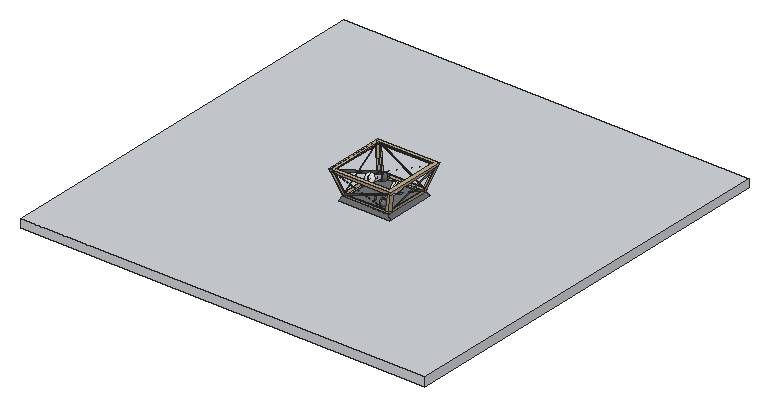
Revit family "P350039-141", category Lighting Fixtures, host Face, Revit 2021
Family settings
  Host = Face
  Round Connector Dimension = Use Diameter
  Part Type = Normal
  OmniClass Number = 23.80.70.11.14.17
  OmniClass Title = Direct/Indirect
  Cut with Voids When Loaded = No
  Light Source = No
  Shared = Yes
  Room Calculation Point = No
Parameters (values of type "P350039-141")
  Wood = Hubbell - Oak
  Widh = 12.00"
  Watts = 60 W
  Wattage Comments = "60W"
  Warranty = "1 year Warranty"  # constant formula
  Voltage = 120 V
  URL = "https://www.hubbell.com/progresslighting/en"
  Product Link = "https://www.hubbell.com/progresslighting/en/Products/Lighting-Controls/Residential-Indoor-Lighting/Ceiling-Mount/Flush/Briarwood-Collection-Two-Light-Galvanized-and-Bleached-Oak-Farmhouse-Style-Flush-Mount-Ceiling-Light/p/6419008"
  Product Documentation Link = "https://hubbellcdn.com/specsheet/PROG_P350039-141_spec.pdf"
  Power Factor = 1
  Model = "P350039-141"  # constant formula
  Manufacturer = "Progress Lighting"  # constant formula
  Load Classification = Lighting
  Length = 12.00"
  Gold = Hubbell - Gold
  Glass = Paint - Hubbell - White Texture
  Lamp = "LED/CFL/incandescent"  # constant formula
  Housing Material = Hubbell - Galvanized
  Fixture distribution = "Direct"  # constant formula
  Features = "Application: Ideal for any hallway, stairwell, entryway, closet, pantry, kitchen, or sitting room.\r\nStyle: Perfect for coastal or farmhouse style settings.\r\nFinish: A faux-wood frame coated in a rustic bleached oak finish accented by a galvanized plate on top of the structure infuses the ceiling light with charming country character.\r\nMaterials: Constructed from steel to ensure long product lifespan.\r\nGlass: Light sources exude a comforting country glow as they peek through the classic X-brace design reminiscent of country barn doors and rustic farmhouse gates.\r\nBulbs: For ideal illumination, use 2 medium base bulbs that are sold separately (60w max - LED/CFL/incandescent). Compatible with dimmable bulbs.\r\nDimensions: Measures 12-inch width by 6-inch height.\r\nCertifications: cCSAus damp location listed.\r\nPairs With: Pairs with Progress Lighting fixtures from the Durrell and Hemsworth collections.\r\nWarranty: Our 1-Year Limited Warranty guarantees your complete satisfaction with your purchase and includes professional after-sales customer service support. Make your purchase today to breathe new life into your lighting design!"  # constant formula
  Description = "Briarwood Collection Two-Light Galvanized and Bleached Oak Farmhouse Style Flush Mount Ceiling Light"  # constant formula
  Default Elevation = 48.00"
  Copyright = " ©2021 Progress Lighting, a division of Hubbell Lighting, Inc"  # constant formula
  Contact = "https://www.hubbell.com/progresslighting/en/contactUs"
  Connector Description = "Lighting Connector"  # constant formula
  Assembly Code = "D5020200"
  Apparent Load = Watts / Power Factor  # 60 VA
Reference planes (in)
  plane 1 "Center (Front/Back)": y = 0
  plane 2: z = 0
  plane 3 "Center (Left/Right)": x = 0
  plane 4: z = 10.50759
  plane 5: x = -6
  plane 6: x = 6
  plane 7: y = -6
  plane 8: y = 6
  plane 9: z = 7
Forms (in)
  Extrusion 1, solid
    sketch origin (0, 0, 0) x (1, 0, 0) y (0, 1, 0)
      loop
        line (-48, 48) -> (-48, -48) -> (48, -48) -> (48, 48) -> (-48, 48)
    from 0 to -2
  Revolve 2, solid, material "Hubbell - Galvanized" <- "Housing Material"
    sketch origin (-2.9077, 9.31663, -0.03914) x (0, -0.34202, -0.939693) y (0, 0.939693, -0.34202)
      loop
        arc (0.43578, -6.1051) -> (0.59769, -5.43716) -> (0, -5.09786) r 0.57073
        line (0, -5.09786) -> (0, -7.43773) -> (0.75333, -7.43773) -> (0.75333, -6.1051) -> (0.43578, -6.1051)
      axis (0, -7.43773) -> (0, -5.09786)
    angle from 0 to 360
  Revolve 3, solid, material "Paint - Hubbell - White Texture"
    sketch origin (-2.9077, 9.31663, -0.03914) x (0, -0.34202, -0.939693) y (0, 0.939693, -0.34202)
      loop
        line (0, -7.43773) -> (0, -11.02155)
        arc (0, -11.02155) -> (0.18273, -10.99366) -> (0.34766, -10.91018) r 0.5855
        spline (0.34766, -10.91018) -> (0.53446, -10.87489) -> (0.67434, -10.8488) -> (0.77721, -10.82791) -> (0.85298, -10.8082) -> (0.91153, -10.78565) -> (0.96093, -10.75695) -> (1.0034, -10.72098) -> (1.03996, -10.67706) -> (1.07161, -10.62447) -> (1.09635, -10.56016) -> (1.10709, -10.47705) -> (1.09627, -10.36772)
        line (1.09627, -10.36772) -> (0.52673, -7.43773) -> (0, -7.43773)
      axis (0, -11.02155) -> (0, -7.43773)
    angle from 0 to 360
  Revolve 4, solid, material "Paint - Hubbell - White Texture" <- "Glass"
    sketch origin (-2.9077, 9.31663, -0.03914) x (0, -0.34202, -0.939693) y (0, 0.939693, -0.34202)
      loop
        line (0, -7.43773) -> (-0.14062, -7.43773) -> (-0.14062, -7.68773) -> (-0.3174, -7.86451) -> (-0.3174, -8.11451) -> (-0.0674, -8.11451) -> (-0.0674, -10.36451) -> (-0.0674, -10.55091)
        arc (-0.0674, -10.55091) -> (-0.07712, -10.57767) -> (-0.10174, -10.59197) r 0.04171
        arc (-0.10174, -10.59197) -> (-0.13207, -10.62395) -> (-0.11058, -10.66244) r 0.0372
        line (-0.11058, -10.66244) -> (0, -10.66244) -> (0, -10.56087) -> (0, -7.43773)
      axis (0, -7.43773) -> (0, -10.66244)
    angle from 0 to 360
  Revolve 5, solid, material "Hubbell - Gold" <- "Gold"
    sketch origin (-2.9077, 9.31663, -0.03914) x (0, -0.34202, -0.939693) y (0, 0.939693, -0.34202)
      loop
        line (-0.47346, -8.28115) -> (-0.51834, -8.28115) -> (-0.66547, -10.3852) -> (-0.62059, -10.3852) -> (-0.47346, -8.28115)
      axis (-0.62081, -10.38832) -> (-0.47346, -8.28115)
    angle from 0 to 360
  Revolve 6, solid, material "Hubbell - Gold" <- "Gold"
    sketch origin (-2.9077, 9.31663, -0.03914) x (0, 0.34202, 0.939693) y (0, -0.939693, 0.34202)
      loop
        line (-0.47346, 8.28115) -> (-0.62235, 10.41041) -> (-0.66723, 10.41041) -> (-0.51834, 8.28115) -> (-0.47346, 8.28115)
      axis (-0.62257, 10.41353) -> (-0.47346, 8.28115)
    angle from 0 to 360
  Sweep 7, solid, material "Paint - Hubbell - White Texture" <- "Glass"
    path origin (-2.9077, 9.78081, -0.22573) x (0, -0.34202, -0.939693) y (0, 0.939693, -0.34202)
      loop
        line (0.61067, -10.88516) -> (0.61067, -10.98257)
        arc (0.61067, -10.98257) -> (0.57513, -11.06837) -> (0.48933, -11.10391) r 0.12134
        line (0.48933, -11.10391) -> (0.04812, -11.10391)
    profile origin (-2.9077, -0.70253, 2.94003) x (0, -0.34202, -0.939693) y (1, 0, 0)
      loop
        circle (0, 0.00095) r 0.031
  Sweep 8, solid, material "Paint - Hubbell - White Texture" <- "Glass"
    path origin (-2.9077, 9.79214, -0.19458) x (0, 0.34202, 0.939693) y (0, -0.939693, 0.34202)
      loop
        line (0.61067, 10.88516) -> (0.61067, 10.98257)
        arc (0.61067, 10.98257) -> (0.57513, 11.06837) -> (0.48933, 11.10391) r 0.12134
        line (0.48933, 11.10391) -> (0.04812, 11.10391)
    profile origin (-2.9077, -0.27347, 4.11887) x (0, -0.34202, -0.939693) y (1, 0, 0)
      loop
        circle (0, 0.00095) r 0.031
  Sweep 9, solid, material "Paint - Hubbell - White Texture" <- "Glass"
    path origin (-2.89018, 9.78615, -0.21104) x (1, 0, 0) y (0, 0.939693, -0.34202)
      loop
        line (0.61067, -10.88516) -> (0.61067, -10.98257)
        arc (0.61067, -10.98257) -> (0.57513, -11.06837) -> (0.48933, -11.10391) r 0.12134
        line (0.48933, -11.10391) -> (0.04812, -11.10391)
    profile origin (-2.27951, -0.48832, 3.52856) x (1, 0, 0) y (0, 0.34202, 0.939693)
      loop
        circle (0, 0.00095) r 0.031
  Sweep 10, solid, material "Paint - Hubbell - White Texture" <- "Glass"
    path origin (-2.92333, 9.78615, -0.21104) x (-1, 0, 0) y (0, -0.939693, 0.34202)
      loop
        line (0.61067, 10.88516) -> (0.61067, 10.98257)
        arc (0.61067, 10.98257) -> (0.57513, 11.06837) -> (0.48933, 11.10391) r 0.12134
        line (0.48933, 11.10391) -> (0.04812, 11.10391)
    profile origin (-3.534, -0.48832, 3.52856) x (1, 0, 0) y (0, 0.34202, 0.939693)
      loop
        circle (0, 0.00095) r 0.031
  Sweep 11, solid, material "Paint - Hubbell - White Texture" <- "Glass"
    path origin (-2.9077, -8.76333, 6.52379) x (0, -0.34202, -0.939693) y (0, 0.939693, -0.34202)
      loop
        line (0.45442, 10.88516) -> (0.45442, 10.98257)
        arc (0.45442, 10.98257) -> (0.41888, 11.06837) -> (0.33308, 11.10391) r 0.12134
        line (0.33308, 11.10391) -> (0.04812, 11.10391)
    profile origin (-2.9077, 1.35573, 2.35717) x (0, 0.34202, 0.939693) y (1, 0, 0)
      loop
        circle (0, 0.00095) r 0.031
  Sweep 12, solid, material "Paint - Hubbell - White Texture" <- "Glass"
    path origin (-2.9077, -8.75199, 6.55493) x (0, 0.34202, 0.939693) y (0, -0.939693, 0.34202)
      loop
        line (0.45442, -10.88516) -> (0.45442, -10.98257)
        arc (0.45442, -10.98257) -> (0.41888, -11.06837) -> (0.33308, -11.10391) r 0.12134
        line (0.33308, -11.10391) -> (0.04812, -11.10391)
    profile origin (-2.9077, 1.67791, 3.24235) x (0, 0.34202, 0.939693) y (1, 0, 0)
      loop
        circle (0, 0.00095) r 0.031
  Sweep 13, solid, material "Paint - Hubbell - White Texture" <- "Glass"
    path origin (-2.89018, -8.75798, 6.53847) x (1, 0, 0) y (0, 0.939693, -0.34202)
      loop
        line (0.45442, 10.88516) -> (0.45442, 10.98257)
        arc (0.45442, 10.98257) -> (0.41888, 11.06837) -> (0.33308, 11.10391) r 0.12134
        line (0.33308, 11.10391) -> (0.04812, 11.10391)
    profile origin (-2.43576, 1.51649, 2.79887) x (-1, 0, 0) y (0, 0.34202, 0.939693)
      loop
        circle (0, 0.00095) r 0.031
  Sweep 14, solid, material "Paint - Hubbell - White Texture" <- "Glass"
    path origin (-2.92333, -8.75798, 6.53847) x (-1, 0, 0) y (0, -0.939693, 0.34202)
      loop
        line (0.45442, -10.88516) -> (0.45442, -10.98257)
        arc (0.45442, -10.98257) -> (0.41888, -11.06837) -> (0.33308, -11.10391) r 0.12134
        line (0.33308, -11.10391) -> (0.04812, -11.10391)
    profile origin (-3.37775, 1.51649, 2.79887) x (-1, 0, 0) y (0, 0.34202, 0.939693)
      loop
        circle (0, 0.00095) r 0.031
  Revolve 15, solid, material "Hubbell - Gold" <- "Gold"
    sketch origin (-2.90968, 9.31595, -0.041) x (1, 0, 0) y (0, 0.939693, -0.34202)
      loop
        line (-0.47346, -8.28115) -> (-0.51834, -8.28115) -> (-0.66489, -10.37691) -> (-0.62001, -10.37691) -> (-0.47346, -8.28115)
      axis (-0.62023, -10.38004) -> (-0.47346, -8.28115)
    angle from 0 to 360
  Revolve 16, solid, material "Hubbell - Gold" <- "Gold"
    sketch origin (-2.90968, 9.31595, -0.041) x (-1, 0, 0) y (0, -0.939693, 0.34202)
      loop
        line (-0.47346, 8.28115) -> (-0.62235, 10.41041) -> (-0.66723, 10.41041) -> (-0.51834, 8.28115) -> (-0.47346, 8.28115)
      axis (-0.62257, 10.41353) -> (-0.47346, 8.28115)
    angle from 0 to 360
  Blend 17, solid, material "Hubbell - Galvanized" <- "Housing Material"
    base sketch origin (0, 0, 0) x (1, 0, 0) y (0, 1, 0)
      loop
        line (-5.5, 5.5) -> (-5.5, -5.5) -> (5.5, -5.5) -> (5.5, 5.5) -> (-5.5, 5.5)
    top sketch origin (0, 0, 0) x (1, 0, 0) y (0, 1, 0)
      loop
        line (-6, 6) -> (-6, -6) -> (6, -6) -> (6, 6) -> (-6, 6)
    from 1 to 0
  Sweep 18, solid, material "Hubbell - Oak" <- "Wood"
    path origin (0, 0, 0) x (1, 0, 0) y (0, 1, 0)
      loop
        line (-5.5, 5.5) -> (-5.5, -5.5) -> (5.5, -5.5) -> (5.5, 5.5) -> (-5.5, 5.5)
    profile origin (0, 5.5, 0) x (0, 1, 0) y (0, 0, 1)
      loop
        line (-0.03044, 1) -> (0.14398, 1.57051) -> (-0.00537, 1.57051) -> (-0.14601, 1.11051) -> (-0.75, 1.11051) -> (-0.75, 1) -> (-0.03044, 1)
      loop
        line (1.61779, 6.87964) -> (1.43266, 6.27411) -> (1.58201, 6.27411) -> (1.80093, 6.99015) -> (0.875, 6.99015) -> (0.875, 6.87964) -> (1.61779, 6.87964)
  Blend 19, solid, material "Hubbell - Oak" <- "Wood"
    base sketch origin (0.25, -0.25, 0) x (1, 0, 0) y (0, 1, 0)
      loop
        line (-5.89453, 5.89453) -> (-5.89453, 5.18942) -> (-5.79574, 5.18942) -> (-5.79574, 5.78942) -> (-5.19574, 5.78942) -> (-5.19574, 5.89453) -> (-5.89453, 5.89453)
    top sketch origin (0.25, -0.25, 0) x (1, 0, 0) y (0, 1, 0)
      loop
        line (-7.33195, 7.33223) -> (-7.33195, 6.63223) -> (-7.23195, 6.63223) -> (-7.23195, 7.23223) -> (-6.63195, 7.23223) -> (-6.63195, 7.33223) -> (-7.33195, 7.33223)
    from 1.57051 to 6.27411
  Blend 20, solid, material "Hubbell - Oak" <- "Wood"
    base sketch origin (-0.25, -0.25, 0) x (-1, 0, 0) y (0, -1, 0)
      loop
        line (-5.89453, -5.89453) -> (-5.19574, -5.89453) -> (-5.19574, -5.78942) -> (-5.79574, -5.78942) -> (-5.79574, -5.18942) -> (-5.89453, -5.18942) -> (-5.89453, -5.89453)
    top sketch origin (-0.25, -0.25, 0) x (-1, 0, 0) y (0, -1, 0)
      loop
        line (-7.33195, -7.33223) -> (-6.63195, -7.33223) -> (-6.63195, -7.23223) -> (-7.23195, -7.23223) -> (-7.23195, -6.63223) -> (-7.33195, -6.63223) -> (-7.33195, -7.33223)
    from 1.57051 to 6.27411
  Blend 21, solid, material "Hubbell - Oak" <- "Wood"
    base sketch origin (-0.25, 0.25, 0) x (-1, 0, 0) y (0, -1, 0)
      loop
        line (-5.89453, 5.89453) -> (-5.89453, 5.18942) -> (-5.79574, 5.18942) -> (-5.79574, 5.78942) -> (-5.19574, 5.78942) -> (-5.19574, 5.89453) -> (-5.89453, 5.89453)
    top sketch origin (-0.25, 0.25, 0) x (-1, 0, 0) y (0, -1, 0)
      loop
        line (-7.33195, 7.33223) -> (-7.33195, 6.63223) -> (-7.23195, 6.63223) -> (-7.23195, 7.23223) -> (-6.63195, 7.23223) -> (-6.63195, 7.33223) -> (-7.33195, 7.33223)
    from 1.57051 to 6.27411
  Blend 22, solid, material "Hubbell - Oak" <- "Wood"
    base sketch origin (0.25, 0.25, 0) x (1, 0, 0) y (0, 1, 0)
      loop
        line (-5.89453, -5.89453) -> (-5.19574, -5.89453) -> (-5.19574, -5.78942) -> (-5.79574, -5.78942) -> (-5.79574, -5.18942) -> (-5.89453, -5.18942) -> (-5.89453, -5.89453)
    top sketch origin (0.25, 0.25, 0) x (1, 0, 0) y (0, 1, 0)
      loop
        line (-7.33195, -7.33223) -> (-6.63195, -7.33223) -> (-6.63195, -7.23223) -> (-7.23195, -7.23223) -> (-7.23195, -6.63223) -> (-7.33195, -6.63223) -> (-7.33195, -7.33223)
    from 1.57051 to 6.27411
  Sweep 23, solid, material "Hubbell - Galvanized" <- "Housing Material"
    path origin (-0.60965, -0.735, -0.00528) x (0.129824, 0.991537, 0) y (0, 0, 1)
      loop
        line (5.19898, 1.42926) -> (-6.64905, 6.45845)
    profile origin (-0.70377, -1.4539, 3.93858) x (-0.050726, -0.387424, -0.920505) y (0.991537, -0.129824, 0)
      loop
        circle (0, -5.625) r 0.031
  Sweep 24, solid, material "Hubbell - Galvanized" <- "Housing Material"
    path origin (-0.60965, 0.735, -0.00528) x (0.129824, -0.991537, 0) y (0, 0, -1)
      loop
        line (5.19898, -1.42926) -> (-6.64905, -6.45845)
    profile origin (-0.70377, 1.4539, 3.93858) x (0.050726, -0.387424, 0.920505) y (0.991537, 0.129824, 0)
      loop
        circle (0, -5.625) r 0.031
  Sweep 25, solid, material "Hubbell - Galvanized" <- "Housing Material"
    path origin (-0.735, 0.60965, -0.00528) x (0.991537, -0.129824, 0) y (0, 0, 1)
      loop
        line (5.19898, 1.42926) -> (-6.64905, 6.45845)
    profile origin (-1.4539, 0.70377, 3.93858) x (-0.387424, 0.050726, -0.920505) y (-0.129824, -0.991537, 0)
      loop
        circle (0, -5.625) r 0.031
  Sweep 26, solid, material "Hubbell - Galvanized" <- "Housing Material"
    path origin (0.735, 0.60965, -0.00528) x (-0.991537, -0.129824, 0) y (0, 0, -1)
      loop
        line (5.19898, -1.42926) -> (-6.64905, -6.45845)
    profile origin (1.4539, 0.70377, 3.93858) x (-0.387424, -0.050726, 0.920505) y (0.129824, -0.991537, 0)
      loop
        circle (0, -5.625) r 0.031
  Sweep 27, solid, material "Hubbell - Galvanized" <- "Housing Material"
    path origin (-0.735, -0.60965, -0.00528) x (0.991537, 0.129824, 0) y (0, 0, -1)
      loop
        line (5.19898, -1.42926) -> (-6.64905, -6.45845)
    profile origin (-1.4539, -0.70377, 3.93858) x (0.387424, 0.050726, 0.920505) y (-0.129824, 0.991537, 0)
      loop
        circle (0, -5.625) r 0.031
  Sweep 28, solid, material "Hubbell - Galvanized" <- "Housing Material"
    path origin (0.735, -0.60965, -0.00528) x (-0.991537, 0.129824, 0) y (0, 0, 1)
      loop
        line (5.19898, 1.42926) -> (-6.64905, 6.45845)
    profile origin (1.4539, -0.70377, 3.93858) x (0.387424, -0.050726, -0.920505) y (0.129824, 0.991537, 0)
      loop
        circle (0, -5.625) r 0.031
  Sweep 29, solid, material "Hubbell - Galvanized" <- "Housing Material"
    path origin (0.60965, -0.735, -0.00528) x (-0.129824, 0.991537, 0) y (0, 0, -1)
      loop
        line (5.19898, -1.42926) -> (-6.64905, -6.45845)
    profile origin (0.70377, -1.4539, 3.93858) x (-0.050726, 0.387424, 0.920505) y (-0.991537, -0.129824, 0)
      loop
        circle (0, -5.625) r 0.031
  Sweep 30, solid, material "Hubbell - Galvanized" <- "Housing Material"
    path origin (0.60965, 0.735, -0.00528) x (-0.129824, -0.991537, 0) y (0, 0, 1)
      loop
        line (5.19898, 1.42926) -> (-6.64905, 6.45845)
    profile origin (0.70377, 1.4539, 3.93858) x (0.050726, 0.387424, -0.920505) y (-0.991537, 0.129824, 0)
      loop
        circle (0, -5.625) r 0.031
  Extrusion 31, solid, material "Hubbell - Galvanized" <- "Housing Material"
    sketch origin (0, 0, 0) x (1, 0, 0) y (0, 1, 0)
      loop
        circle (0, 2.62036) r 0.15
      loop
        circle (0, -2.62036) r 0.15
    from 1 to 1.57051
  Revolve 32, solid, material "Hubbell - Galvanized" <- "Housing Material"
    sketch origin (2.9077, -9.31663, -0.03914) x (0, 0.34202, -0.939693) y (0, -0.939693, -0.34202)
      loop
        arc (0.43578, -6.1051) -> (0.59769, -5.43716) -> (0, -5.09786) r 0.57073
        line (0, -5.09786) -> (0, -7.43773) -> (0.75333, -7.43773) -> (0.75333, -6.1051) -> (0.43578, -6.1051)
      axis (0, -7.43773) -> (0, -5.09786)
    angle from 0 to 360
  Revolve 33, solid, material "Paint - Hubbell - White Texture"
    sketch origin (2.9077, -9.31663, -0.03914) x (0, 0.34202, -0.939693) y (0, -0.939693, -0.34202)
      loop
        line (0, -7.43773) -> (0, -11.02155)
        arc (0, -11.02155) -> (0.18273, -10.99366) -> (0.34766, -10.91018) r 0.5855
        spline (0.34766, -10.91018) -> (0.53446, -10.87489) -> (0.67434, -10.8488) -> (0.77721, -10.82791) -> (0.85298, -10.8082) -> (0.91153, -10.78565) -> (0.96093, -10.75695) -> (1.0034, -10.72098) -> (1.03996, -10.67706) -> (1.07161, -10.62447) -> (1.09635, -10.56016) -> (1.10709, -10.47705) -> (1.09627, -10.36772)
        line (1.09627, -10.36772) -> (0.52673, -7.43773) -> (0, -7.43773)
      axis (0, -11.02155) -> (0, -7.43773)
    angle from 0 to 360
  Revolve 34, solid, material "Paint - Hubbell - White Texture" <- "Glass"
    sketch origin (2.9077, -9.31663, -0.03914) x (0, 0.34202, -0.939693) y (0, -0.939693, -0.34202)
      loop
        line (0, -7.43773) -> (-0.14062, -7.43773) -> (-0.14062, -7.68773) -> (-0.3174, -7.86451) -> (-0.3174, -8.11451) -> (-0.0674, -8.11451) -> (-0.0674, -10.36451) -> (-0.0674, -10.55091)
        arc (-0.0674, -10.55091) -> (-0.07712, -10.57767) -> (-0.10174, -10.59197) r 0.04171
        arc (-0.10174, -10.59197) -> (-0.13207, -10.62395) -> (-0.11058, -10.66244) r 0.0372
        line (-0.11058, -10.66244) -> (0, -10.66244) -> (0, -10.56087) -> (0, -7.43773)
      axis (0, -7.43773) -> (0, -10.66244)
    angle from 0 to 360
  Revolve 35, solid, material "Hubbell - Gold" <- "Gold"
    sketch origin (2.9077, -9.31663, -0.03914) x (0, 0.34202, -0.939693) y (0, -0.939693, -0.34202)
      loop
        line (-0.47346, -8.28115) -> (-0.51834, -8.28115) -> (-0.66547, -10.3852) -> (-0.62059, -10.3852) -> (-0.47346, -8.28115)
      axis (-0.62081, -10.38832) -> (-0.47346, -8.28115)
    angle from 0 to 360
  Revolve 36, solid, material "Hubbell - Gold" <- "Gold"
    sketch origin (2.9077, -9.31663, -0.03914) x (0, -0.34202, 0.939693) y (0, 0.939693, 0.34202)
      loop
        line (-0.47346, 8.28115) -> (-0.62235, 10.41041) -> (-0.66723, 10.41041) -> (-0.51834, 8.28115) -> (-0.47346, 8.28115)
      axis (-0.62257, 10.41353) -> (-0.47346, 8.28115)
    angle from 0 to 360
  Sweep 37, solid, material "Paint - Hubbell - White Texture" <- "Glass"
    path origin (2.9077, -9.78081, -0.22573) x (0, 0.34202, -0.939693) y (0, -0.939693, -0.34202)
      loop
        line (0.61067, -10.88516) -> (0.61067, -10.98257)
        arc (0.61067, -10.98257) -> (0.57513, -11.06837) -> (0.48933, -11.10391) r 0.12134
        line (0.48933, -11.10391) -> (0.04812, -11.10391)
    profile origin (2.9077, 0.70253, 2.94003) x (0, 0.34202, -0.939693) y (-1, 0, 0)
      loop
        circle (0, 0.00095) r 0.031
  Sweep 38, solid, material "Paint - Hubbell - White Texture" <- "Glass"
    path origin (2.9077, -9.79214, -0.19458) x (0, -0.34202, 0.939693) y (0, 0.939693, 0.34202)
      loop
        line (0.61067, 10.88516) -> (0.61067, 10.98257)
        arc (0.61067, 10.98257) -> (0.57513, 11.06837) -> (0.48933, 11.10391) r 0.12134
        line (0.48933, 11.10391) -> (0.04812, 11.10391)
    profile origin (2.9077, 0.27347, 4.11887) x (0, 0.34202, -0.939693) y (-1, 0, 0)
      loop
        circle (0, 0.00095) r 0.031
  Sweep 39, solid, material "Paint - Hubbell - White Texture" <- "Glass"
    path origin (2.89018, -9.78615, -0.21104) x (-1, 0, 0) y (0, -0.939693, -0.34202)
      loop
        line (0.61067, -10.88516) -> (0.61067, -10.98257)
        arc (0.61067, -10.98257) -> (0.57513, -11.06837) -> (0.48933, -11.10391) r 0.12134
        line (0.48933, -11.10391) -> (0.04812, -11.10391)
    profile origin (2.27951, 0.48832, 3.52856) x (-1, 0, 0) y (0, -0.34202, 0.939693)
      loop
        circle (0, 0.00095) r 0.031
  Sweep 40, solid, material "Paint - Hubbell - White Texture" <- "Glass"
    path origin (2.92333, -9.78615, -0.21104) x (1, 0, 0) y (0, 0.939693, 0.34202)
      loop
        line (0.61067, 10.88516) -> (0.61067, 10.98257)
        arc (0.61067, 10.98257) -> (0.57513, 11.06837) -> (0.48933, 11.10391) r 0.12134
        line (0.48933, 11.10391) -> (0.04812, 11.10391)
    profile origin (3.534, 0.48832, 3.52856) x (-1, 0, 0) y (0, -0.34202, 0.939693)
      loop
        circle (0, 0.00095) r 0.031
  Sweep 41, solid, material "Paint - Hubbell - White Texture" <- "Glass"
    path origin (2.9077, 8.76333, 6.52379) x (0, 0.34202, -0.939693) y (0, -0.939693, -0.34202)
      loop
        line (0.45442, 10.88516) -> (0.45442, 10.98257)
        arc (0.45442, 10.98257) -> (0.41888, 11.06837) -> (0.33308, 11.10391) r 0.12134
        line (0.33308, 11.10391) -> (0.04812, 11.10391)
    profile origin (2.9077, -1.35573, 2.35717) x (0, -0.34202, 0.939693) y (-1, 0, 0)
      loop
        circle (0, 0.00095) r 0.031
  Sweep 42, solid, material "Paint - Hubbell - White Texture" <- "Glass"
    path origin (2.9077, 8.75199, 6.55493) x (0, -0.34202, 0.939693) y (0, 0.939693, 0.34202)
      loop
        line (0.45442, -10.88516) -> (0.45442, -10.98257)
        arc (0.45442, -10.98257) -> (0.41888, -11.06837) -> (0.33308, -11.10391) r 0.12134
        line (0.33308, -11.10391) -> (0.04812, -11.10391)
    profile origin (2.9077, -1.67791, 3.24235) x (0, -0.34202, 0.939693) y (-1, 0, 0)
      loop
        circle (0, 0.00095) r 0.031
  Sweep 43, solid, material "Paint - Hubbell - White Texture" <- "Glass"
    path origin (2.89018, 8.75798, 6.53847) x (-1, 0, 0) y (0, -0.939693, -0.34202)
      loop
        line (0.45442, 10.88516) -> (0.45442, 10.98257)
        arc (0.45442, 10.98257) -> (0.41888, 11.06837) -> (0.33308, 11.10391) r 0.12134
        line (0.33308, 11.10391) -> (0.04812, 11.10391)
    profile origin (2.43576, -1.51649, 2.79887) x (1, 0, 0) y (0, -0.34202, 0.939693)
      loop
        circle (0, 0.00095) r 0.031
  Sweep 44, solid, material "Paint - Hubbell - White Texture" <- "Glass"
    path origin (2.92333, 8.75798, 6.53847) x (1, 0, 0) y (0, 0.939693, 0.34202)
      loop
        line (0.45442, -10.88516) -> (0.45442, -10.98257)
        arc (0.45442, -10.98257) -> (0.41888, -11.06837) -> (0.33308, -11.10391) r 0.12134
        line (0.33308, -11.10391) -> (0.04812, -11.10391)
    profile origin (3.37775, -1.51649, 2.79887) x (1, 0, 0) y (0, -0.34202, 0.939693)
      loop
        circle (0, 0.00095) r 0.031
  Revolve 45, solid, material "Hubbell - Gold" <- "Gold"
    sketch origin (2.90968, -9.31595, -0.041) x (-1, 0, 0) y (0, -0.939693, -0.34202)
      loop
        line (-0.47346, -8.28115) -> (-0.51834, -8.28115) -> (-0.66489, -10.37691) -> (-0.62001, -10.37691) -> (-0.47346, -8.28115)
      axis (-0.62023, -10.38004) -> (-0.47346, -8.28115)
    angle from 0 to 360
  Revolve 46, solid, material "Hubbell - Gold" <- "Gold"
    sketch origin (2.90968, -9.31595, -0.041) x (1, 0, 0) y (0, 0.939693, 0.34202)
      loop
        line (-0.47346, 8.28115) -> (-0.62235, 10.41041) -> (-0.66723, 10.41041) -> (-0.51834, 8.28115) -> (-0.47346, 8.28115)
      axis (-0.62257, 10.41353) -> (-0.47346, 8.28115)
    angle from 0 to 360
Dimensions and locks (in)
  equal spacing: plane 5, plane 3 "Center (Left/Right)", plane 6
  "Length": plane 5 to plane 6
  equal spacing: plane 7, plane 1 "Center (Front/Back)", plane 8
  "Widh": plane 7 to plane 8
  aligned and locked: plane 2 to Extrusion 1
Automatic sketch dimensions
  Extrusion 1 sketch curve to Extrusion 1 sketch curve = 96.00"  (x2)
  level to Revolve 2 sketch curve = 2.50471"
  Revolve 2 sketch curve to plane 1 "Center (Front/Back)" = 2.32745"
  Revolve 2 sketch curve to Revolve 2 sketch curve = 0.07389"
  Revolve 2 sketch curve to Revolve 2 sketch curve = 0.36189"
  Revolve 2 sketch curve to Revolve 2 sketch curve = 0.31755"
  Revolve 2 sketch curve to Revolve 2 sketch curve = 1.33263"
  Revolve 2 sketch curve to Revolve 2 sketch curve = 0.44132"
  Revolve 2 sketch curve to Revolve 2 sketch curve = 0.00"
  Revolve 2 sketch curve to Revolve 2 sketch curve = 20.20644"
  Revolve 2 sketch curve to Revolve 2 sketch curve = 29.09786"
  level to Revolve 3 sketch curve = 2.50471"
  Revolve 3 sketch curve to plane 1 "Center (Front/Back)" = 2.32745"
  Revolve 3 sketch curve to Revolve 3 sketch curve = 0.00411"
  Revolve 3 sketch curve to Revolve 3 sketch curve = 0.34766"
  Revolve 3 sketch curve to Revolve 3 sketch curve = 0.52673"
  Revolve 3 sketch curve to Revolve 3 sketch curve = 0.74861"
  Revolve 3 sketch curve to Revolve 3 sketch curve = 2.92999"
  Revolve 3 sketch curve to Revolve 3 sketch curve = 0.06835"
  Revolve 3 sketch curve to Revolve 3 sketch curve = 0.47411"
  Revolve 3 sketch curve to Revolve 3 sketch curve = 0.00"
  Revolve 3 sketch curve to Revolve 3 sketch curve = 16.62262"
  Revolve 3 sketch curve to Revolve 3 sketch curve = 31.43773"
  Revolve 4 sketch curve to plane 1 "Center (Front/Back)" = 1.80004"
  level to Revolve 4 sketch curve = 3.03444"
  Revolve 4 sketch curve to Revolve 4 sketch curve = 0.17678"  (x2)
  Revolve 4 sketch curve to Revolve 4 sketch curve = 0.20683"
  Revolve 4 sketch curve to Revolve 4 sketch curve = 0.00146"
  Revolve 4 sketch curve to Revolve 4 sketch curve = 0.01542"
  Revolve 4 sketch curve to Revolve 4 sketch curve = 0.25"  (x3)
  Revolve 4 sketch curve to Revolve 4 sketch curve = 0.09516"
  Revolve 4 sketch curve to Revolve 4 sketch curve = 2.25"
  Revolve 4 sketch curve to Revolve 4 sketch curve = 0.1864"
  Revolve 4 sketch curve to Revolve 4 sketch curve = 0.00996"
  Revolve 4 sketch curve to Revolve 4 sketch curve = 0.07767"
  Revolve 4 sketch curve to Revolve 4 sketch curve = 0.03385"
  Revolve 4 sketch curve to Revolve 4 sketch curve = 0.00"  (x2)
  Revolve 4 sketch curve to Revolve 4 sketch curve = 5.5253"
  plane 1 "Center (Front/Back)" to Revolve 5 sketch curve = 0.21466"
  plane 9 to Revolve 5 sketch curve = 2.86186"
  Revolve 5 sketch curve to Revolve 5 sketch curve = 0.04488"  (x2)
  Revolve 5 sketch curve to Revolve 5 sketch curve = 0.10225"
  Revolve 5 sketch curve to Revolve 5 sketch curve = 2.10405"
  Revolve 5 sketch curve to Revolve 5 sketch curve = 0.01036"
  Revolve 5 sketch curve to Revolve 5 sketch curve = 0.00483"
  Revolve 5 sketch curve to Revolve 5 sketch curve = 0.49372"
  Revolve 5 sketch curve to Revolve 5 sketch curve = 0.06901"
  plane 1 "Center (Front/Back)" to Revolve 6 sketch curve = 0.69417"
  level to Revolve 6 sketch curve = 2.89443"
  Revolve 6 sketch curve to Revolve 6 sketch curve = 0.04488"  (x2)
  Revolve 6 sketch curve to Revolve 6 sketch curve = 0.10401"
  Revolve 6 sketch curve to Revolve 6 sketch curve = 2.12926"
  Revolve 6 sketch curve to Revolve 6 sketch curve = 0.01212"
  Revolve 6 sketch curve to Revolve 6 sketch curve = 0.00483"
  Revolve 6 sketch curve to Revolve 6 sketch curve = 0.06901"
  Revolve 6 sketch curve to Revolve 6 sketch curve = 0.46851"
  plane 1 "Center (Front/Back)" to Sweep 7 sketch curve = 0.82082"
  level to Sweep 7 sketch curve = 3.11222"
  Sweep 7 sketch curve to Sweep 7 sketch curve = 0.12134"
  Sweep 7 sketch curve to Sweep 7 sketch curve = 0.4412"
  Sweep 7 sketch curve to Sweep 7 sketch curve = 0.09741"
  Sweep 7 sketch curve to profile plane = 0.00"
  profile plane to Sweep 7 sketch curve = 0.00095"
  plane 1 "Center (Front/Back)" to Sweep 8 sketch curve = 0.47476"
  plane 9 to Sweep 8 sketch curve = 2.937"
  Sweep 8 sketch curve to Sweep 8 sketch curve = 0.12134"
  Sweep 8 sketch curve to Sweep 8 sketch curve = 0.4412"
  Sweep 8 sketch curve to Sweep 8 sketch curve = 0.09741"
  Sweep 8 sketch curve to profile plane = 0.00"
  profile plane to Sweep 8 sketch curve = 0.00095"
  Sweep 9 sketch curve to plane 3 "Center (Left/Right)" = 2.40086"
  Sweep 9 sketch curve to Sweep 9 sketch curve = 0.12134"
  Sweep 9 sketch curve to Sweep 9 sketch curve = 0.4412"
  Sweep 9 sketch curve to Sweep 9 sketch curve = 0.09741"
  Sweep 9 sketch curve to profile plane = 0.00"
  profile plane to Sweep 9 sketch curve = 0.00095"
  plane 5 to Sweep 10 sketch curve = 2.58735"
  Sweep 10 sketch curve to Sweep 10 sketch curve = 0.12134"
  Sweep 10 sketch curve to Sweep 10 sketch curve = 0.4412"
  Sweep 10 sketch curve to Sweep 10 sketch curve = 0.09741"
  Sweep 10 sketch curve to profile plane = 0.00"
  profile plane to Sweep 10 sketch curve = 0.00095"
  Sweep 11 sketch curve to plane 1 "Center (Front/Back)" = 1.55702"
  level to Sweep 11 sketch curve = 2.41304"
  Sweep 11 sketch curve to Sweep 11 sketch curve = 0.12134"
  Sweep 11 sketch curve to Sweep 11 sketch curve = 0.28495"
  Sweep 11 sketch curve to Sweep 11 sketch curve = 0.09741"
  Sweep 11 sketch curve to profile plane = 0.00"
  profile plane to Sweep 11 sketch curve = 0.00095"
  Sweep 12 sketch curve to plane 1 "Center (Front/Back)" = 1.7962"
  level to Sweep 12 sketch curve = 3.07016"
  Sweep 12 sketch curve to Sweep 12 sketch curve = 0.12134"
  Sweep 12 sketch curve to Sweep 12 sketch curve = 0.28495"
  Sweep 12 sketch curve to Sweep 12 sketch curve = 0.09741"
  Sweep 12 sketch curve to profile plane = 0.00"
  profile plane to Sweep 12 sketch curve = 0.00095"
  plane 5 to Sweep 13 sketch curve = 3.44289"
  Sweep 13 sketch curve to Sweep 13 sketch curve = 0.12134"
  Sweep 13 sketch curve to Sweep 13 sketch curve = 0.28495"
  Sweep 13 sketch curve to Sweep 13 sketch curve = 0.09741"
  Sweep 13 sketch curve to profile plane = 0.00"
  profile plane to Sweep 13 sketch curve = 0.00095"
  plane 5 to Sweep 14 sketch curve = 2.7436"
  Sweep 14 sketch curve to Sweep 14 sketch curve = 0.12134"
  Sweep 14 sketch curve to Sweep 14 sketch curve = 0.28495"
  Sweep 14 sketch curve to Sweep 14 sketch curve = 0.09741"
  Sweep 14 sketch curve to profile plane = 0.00"
  profile plane to Sweep 14 sketch curve = 0.00095"
  plane 5 to Revolve 15 sketch curve = 2.42543"
  Revolve 15 sketch curve to Revolve 15 sketch curve = 0.04488"  (x2)
  plane 5 to Revolve 15 sketch curve = 2.57198"
  Revolve 15 sketch curve to Revolve 15 sketch curve = 2.09576"
  Revolve 15 sketch curve to Revolve 15 sketch curve = 0.00978"
  Revolve 15 sketch curve to Revolve 15 sketch curve = 0.00483"
  Revolve 15 sketch curve to Revolve 15 sketch curve = 0.502"
  Revolve 15 sketch curve to Revolve 15 sketch curve = 0.06901"
  Revolve 16 sketch curve to plane 3 "Center (Left/Right)" = 2.24244"
  Revolve 16 sketch curve to Revolve 16 sketch curve = 0.04488"  (x2)
  Revolve 16 sketch curve to Revolve 16 sketch curve = 0.10401"
  Revolve 16 sketch curve to Revolve 16 sketch curve = 2.12926"
  Revolve 16 sketch curve to Revolve 16 sketch curve = 0.01212"
  Revolve 16 sketch curve to Revolve 16 sketch curve = 0.00483"
  Revolve 16 sketch curve to Revolve 16 sketch curve = 0.06901"
  Revolve 16 sketch curve to Revolve 16 sketch curve = 0.46851"
  plane 5 to Blend 17 sketch curve = 0.50"
  Blend 17 sketch curve to plane 6 = 0.50"
  Blend 17 sketch curve to plane 7 = 0.50"
  plane 8 to Blend 17 sketch curve = 0.50"
  Blend 17 sketch curve to plane 5 = 0.00"
  Blend 17 sketch curve to plane 6 = 0.00"
  plane 7 to Blend 17 sketch curve = 0.00"
  plane 8 to Blend 17 sketch curve = 0.00"
  plane 5 to Sweep 18 sketch curve = 0.50"
  Sweep 18 sketch curve to plane 6 = 0.50"
  Sweep 18 sketch curve to plane 7 = 0.50"
  plane 8 to Sweep 18 sketch curve = 0.50"
  profile plane to Sweep 18 sketch curve = 0.75"
  profile plane to Sweep 18 sketch curve = 0.14601"
  profile plane to Sweep 18 sketch curve = 0.03044"
  profile plane to Sweep 18 sketch curve = 0.00537"
  Sweep 18 sketch curve to profile plane = 0.14398"
  Sweep 18 sketch curve to profile plane = 0.875"
  Sweep 18 sketch curve to Sweep 18 sketch curve = 0.55766"
  Sweep 18 sketch curve to Sweep 18 sketch curve = 0.14935"
  Sweep 18 sketch curve to Sweep 18 sketch curve = 0.03578"
  Sweep 18 sketch curve to Sweep 18 sketch curve = 0.18314"
  level to Sweep 18 sketch curve = 1.00"
  Sweep 18 sketch curve to Sweep 18 sketch curve = 0.11051"  (x2)
  Sweep 18 sketch curve to Sweep 18 sketch curve = 0.45999"
  Sweep 18 sketch curve to Sweep 18 sketch curve = 4.7036"
  Sweep 18 sketch curve to Sweep 18 sketch curve = 0.60553"
  plane 5 to Blend 19 sketch curve = 0.35547"
  Blend 19 sketch curve to Blend 19 sketch curve = 0.09879"
  Blend 19 sketch curve to Blend 19 sketch curve = 0.60"  (x2)
  plane 8 to Blend 19 sketch curve = 1.06058"
  plane 8 to Blend 19 sketch curve = 0.46058"
  Blend 19 sketch curve to Blend 19 sketch curve = 0.10511"
  Blend 19 sketch curve to plane 5 = 1.08195"
  Blend 19 sketch curve to Blend 19 sketch curve = 0.10"  (x2)
  Blend 19 sketch curve to plane 5 = 0.38195"
  Blend 19 sketch curve to plane 8 = 0.38223"
  Blend 20 sketch curve to plane 6 = 0.35547"
  Blend 20 sketch curve to Blend 20 sketch curve = 0.09879"
  Blend 20 sketch curve to Blend 20 sketch curve = 0.60"  (x2)
  plane 8 to Blend 20 sketch curve = 0.35547"
  Blend 20 sketch curve to Blend 20 sketch curve = 0.10511"
  plane 6 to Blend 20 sketch curve = 1.08195"
  Blend 20 sketch curve to Blend 20 sketch curve = 0.10"  (x2)
  plane 6 to Blend 20 sketch curve = 0.38195"
  Blend 20 sketch curve to plane 8 = 1.08223"
  Blend 20 sketch curve to plane 8 = 0.38223"
  Blend 21 sketch curve to plane 6 = 0.35547"
  Blend 21 sketch curve to Blend 21 sketch curve = 0.09879"
  Blend 21 sketch curve to Blend 21 sketch curve = 0.60"  (x2)
  Blend 21 sketch curve to plane 7 = 1.06058"
  Blend 21 sketch curve to plane 7 = 0.46058"
  Blend 21 sketch curve to Blend 21 sketch curve = 0.10511"
  plane 6 to Blend 21 sketch curve = 1.08195"
  Blend 21 sketch curve to Blend 21 sketch curve = 0.10"  (x2)
  plane 6 to Blend 21 sketch curve = 0.38195"
  plane 7 to Blend 21 sketch curve = 0.38223"
  plane 5 to Blend 22 sketch curve = 0.35547"
  Blend 22 sketch curve to Blend 22 sketch curve = 0.09879"
  Blend 22 sketch curve to Blend 22 sketch curve = 0.60"  (x2)
  Blend 22 sketch curve to plane 7 = 0.35547"
  Blend 22 sketch curve to Blend 22 sketch curve = 0.10511"
  Blend 22 sketch curve to plane 5 = 1.08195"
  Blend 22 sketch curve to Blend 22 sketch curve = 0.10"  (x2)
  Blend 22 sketch curve to plane 5 = 0.38195"
  plane 7 to Blend 22 sketch curve = 1.08223"
  plane 7 to Blend 22 sketch curve = 0.38223"
  plane 9 to Sweep 23 sketch curve = 0.54682"
  level to Sweep 23 sketch curve = 1.42398"
  Sweep 23 sketch curve to Sweep 23 sketch curve = 11.84803"
  Sweep 23 sketch curve to profile plane = 0.00"
  Sweep 23 sketch curve to profile plane = 5.625"
  plane 9 to Sweep 24 sketch curve = 0.54682"
  level to Sweep 24 sketch curve = 1.42398"
  Sweep 24 sketch curve to Sweep 24 sketch curve = 11.84803"
  Sweep 24 sketch curve to profile plane = 0.00"
  Sweep 24 sketch curve to profile plane = 5.625"
  plane 9 to Sweep 25 sketch curve = 0.54682"
  level to Sweep 25 sketch curve = 1.42398"
  Sweep 25 sketch curve to Sweep 25 sketch curve = 11.84803"
  profile plane to Sweep 25 sketch curve = 0.00"
  Sweep 25 sketch curve to profile plane = 5.625"
  plane 9 to Sweep 26 sketch curve = 0.54682"
  level to Sweep 26 sketch curve = 1.42398"
  Sweep 26 sketch curve to Sweep 26 sketch curve = 11.84803"
  Sweep 26 sketch curve to profile plane = 0.00"
  Sweep 26 sketch curve to profile plane = 5.625"
  plane 9 to Sweep 27 sketch curve = 0.54682"
  level to Sweep 27 sketch curve = 1.42398"
  Sweep 27 sketch curve to Sweep 27 sketch curve = 11.84803"
  profile plane to Sweep 27 sketch curve = 0.00"
  Sweep 27 sketch curve to profile plane = 5.625"
  plane 9 to Sweep 28 sketch curve = 0.54682"
  level to Sweep 28 sketch curve = 1.42398"
  Sweep 28 sketch curve to Sweep 28 sketch curve = 11.84803"
  Sweep 28 sketch curve to profile plane = 0.00"
  Sweep 28 sketch curve to profile plane = 5.625"
  plane 9 to Sweep 29 sketch curve = 0.54682"
  level to Sweep 29 sketch curve = 1.42398"
  Sweep 29 sketch curve to Sweep 29 sketch curve = 11.84803"
  profile plane to Sweep 29 sketch curve = 0.00"
  Sweep 29 sketch curve to profile plane = 5.625"
  plane 9 to Sweep 30 sketch curve = 0.54682"
  level to Sweep 30 sketch curve = 1.42398"
  Sweep 30 sketch curve to Sweep 30 sketch curve = 11.84803"
  profile plane to Sweep 30 sketch curve = 0.00"
  Sweep 30 sketch curve to profile plane = 5.625"
  Extrusion 31 sketch curve to plane 3 "Center (Left/Right)" = 0.00"  (x2)
  plane 1 "Center (Front/Back)" to Extrusion 31 sketch curve = 2.62036"
  Extrusion 31 sketch curve to plane 1 "Center (Front/Back)" = 2.62036"
  level to Revolve 32 sketch curve = 2.50471"
  plane 1 "Center (Front/Back)" to Revolve 32 sketch curve = 2.32745"
  Revolve 32 sketch curve to Revolve 32 sketch curve = 0.07389"
  Revolve 32 sketch curve to Revolve 32 sketch curve = 0.36189"
  Revolve 32 sketch curve to Revolve 32 sketch curve = 0.31755"
  Revolve 32 sketch curve to Revolve 32 sketch curve = 1.33263"
  Revolve 32 sketch curve to Revolve 32 sketch curve = 0.44132"
  Revolve 32 sketch curve to Revolve 32 sketch curve = 0.00"
  Revolve 32 sketch curve to Revolve 32 sketch curve = 20.20644"
  Revolve 32 sketch curve to Revolve 32 sketch curve = 29.09786"
  level to Revolve 33 sketch curve = 2.50471"
  plane 1 "Center (Front/Back)" to Revolve 33 sketch curve = 2.32745"
  Revolve 33 sketch curve to Revolve 33 sketch curve = 0.00411"
  Revolve 33 sketch curve to Revolve 33 sketch curve = 0.34766"
  Revolve 33 sketch curve to Revolve 33 sketch curve = 0.52673"
  Revolve 33 sketch curve to Revolve 33 sketch curve = 0.74861"
  Revolve 33 sketch curve to Revolve 33 sketch curve = 2.92999"
  Revolve 33 sketch curve to Revolve 33 sketch curve = 0.06835"
  Revolve 33 sketch curve to Revolve 33 sketch curve = 0.47411"
  Revolve 33 sketch curve to Revolve 33 sketch curve = 0.00"
  Revolve 33 sketch curve to Revolve 33 sketch curve = 16.62262"
  Revolve 33 sketch curve to Revolve 33 sketch curve = 31.43773"
  plane 1 "Center (Front/Back)" to Revolve 34 sketch curve = 1.80004"
  level to Revolve 34 sketch curve = 3.03444"
  Revolve 34 sketch curve to Revolve 34 sketch curve = 0.17678"  (x2)
  Revolve 34 sketch curve to Revolve 34 sketch curve = 0.20683"
  Revolve 34 sketch curve to Revolve 34 sketch curve = 0.00146"
  Revolve 34 sketch curve to Revolve 34 sketch curve = 0.01542"
  Revolve 34 sketch curve to Revolve 34 sketch curve = 0.25"  (x3)
  Revolve 34 sketch curve to Revolve 34 sketch curve = 0.09516"
  Revolve 34 sketch curve to Revolve 34 sketch curve = 2.25"
  Revolve 34 sketch curve to Revolve 34 sketch curve = 0.1864"
  Revolve 34 sketch curve to Revolve 34 sketch curve = 0.00996"
  Revolve 34 sketch curve to Revolve 34 sketch curve = 0.07767"
  Revolve 34 sketch curve to Revolve 34 sketch curve = 0.03385"
  Revolve 34 sketch curve to Revolve 34 sketch curve = 0.00"  (x2)
  Revolve 34 sketch curve to Revolve 34 sketch curve = 5.5253"
  Revolve 35 sketch curve to plane 1 "Center (Front/Back)" = 0.21466"
  plane 9 to Revolve 35 sketch curve = 2.86186"
  Revolve 35 sketch curve to Revolve 35 sketch curve = 0.04488"  (x2)
  Revolve 35 sketch curve to Revolve 35 sketch curve = 0.10225"
  Revolve 35 sketch curve to Revolve 35 sketch curve = 2.10405"
  Revolve 35 sketch curve to Revolve 35 sketch curve = 0.01036"
  Revolve 35 sketch curve to Revolve 35 sketch curve = 0.00483"
  Revolve 35 sketch curve to Revolve 35 sketch curve = 0.49372"
  Revolve 35 sketch curve to Revolve 35 sketch curve = 0.06901"
  Revolve 36 sketch curve to plane 1 "Center (Front/Back)" = 0.69417"
  level to Revolve 36 sketch curve = 2.89443"
  Revolve 36 sketch curve to Revolve 36 sketch curve = 0.04488"  (x2)
  Revolve 36 sketch curve to Revolve 36 sketch curve = 0.10401"
  Revolve 36 sketch curve to Revolve 36 sketch curve = 2.12926"
  Revolve 36 sketch curve to Revolve 36 sketch curve = 0.01212"
  Revolve 36 sketch curve to Revolve 36 sketch curve = 0.00483"
  Revolve 36 sketch curve to Revolve 36 sketch curve = 0.06901"
  Revolve 36 sketch curve to Revolve 36 sketch curve = 0.46851"
  Sweep 37 sketch curve to plane 1 "Center (Front/Back)" = 0.82082"
  level to Sweep 37 sketch curve = 3.11222"
  Sweep 37 sketch curve to Sweep 37 sketch curve = 0.12134"
  Sweep 37 sketch curve to Sweep 37 sketch curve = 0.4412"
  Sweep 37 sketch curve to Sweep 37 sketch curve = 0.09741"
  profile plane to Sweep 37 sketch curve = 0.00"
  profile plane to Sweep 37 sketch curve = 0.00095"
  Sweep 38 sketch curve to plane 1 "Center (Front/Back)" = 0.47476"
  plane 9 to Sweep 38 sketch curve = 2.937"
  Sweep 38 sketch curve to Sweep 38 sketch curve = 0.12134"
  Sweep 38 sketch curve to Sweep 38 sketch curve = 0.4412"
  Sweep 38 sketch curve to Sweep 38 sketch curve = 0.09741"
  profile plane to Sweep 38 sketch curve = 0.00"
  profile plane to Sweep 38 sketch curve = 0.00095"
  plane 3 "Center (Left/Right)" to Sweep 39 sketch curve = 2.40086"
  Sweep 39 sketch curve to Sweep 39 sketch curve = 0.12134"
  Sweep 39 sketch curve to Sweep 39 sketch curve = 0.4412"
  Sweep 39 sketch curve to Sweep 39 sketch curve = 0.09741"
  Sweep 39 sketch curve to profile plane = 0.00"
  profile plane to Sweep 39 sketch curve = 0.00095"
  Sweep 40 sketch curve to plane 6 = 2.58735"
  Sweep 40 sketch curve to Sweep 40 sketch curve = 0.12134"
  Sweep 40 sketch curve to Sweep 40 sketch curve = 0.4412"
  Sweep 40 sketch curve to Sweep 40 sketch curve = 0.09741"
  Sweep 40 sketch curve to profile plane = 0.00"
  profile plane to Sweep 40 sketch curve = 0.00095"
  plane 1 "Center (Front/Back)" to Sweep 41 sketch curve = 1.55702"
  level to Sweep 41 sketch curve = 2.41304"
  Sweep 41 sketch curve to Sweep 41 sketch curve = 0.12134"
  Sweep 41 sketch curve to Sweep 41 sketch curve = 0.28495"
  Sweep 41 sketch curve to Sweep 41 sketch curve = 0.09741"
  profile plane to Sweep 41 sketch curve = 0.00"
  profile plane to Sweep 41 sketch curve = 0.00095"
  plane 1 "Center (Front/Back)" to Sweep 42 sketch curve = 1.7962"
  level to Sweep 42 sketch curve = 3.07016"
  Sweep 42 sketch curve to Sweep 42 sketch curve = 0.12134"
  Sweep 42 sketch curve to Sweep 42 sketch curve = 0.28495"
  Sweep 42 sketch curve to Sweep 42 sketch curve = 0.09741"
  profile plane to Sweep 42 sketch curve = 0.00"
  profile plane to Sweep 42 sketch curve = 0.00095"
  Sweep 43 sketch curve to plane 6 = 3.44289"
  Sweep 43 sketch curve to Sweep 43 sketch curve = 0.12134"
  Sweep 43 sketch curve to Sweep 43 sketch curve = 0.28495"
  Sweep 43 sketch curve to Sweep 43 sketch curve = 0.09741"
  Sweep 43 sketch curve to profile plane = 0.00"
  profile plane to Sweep 43 sketch curve = 0.00095"
  Sweep 44 sketch curve to plane 6 = 2.7436"
  Sweep 44 sketch curve to Sweep 44 sketch curve = 0.12134"
  Sweep 44 sketch curve to Sweep 44 sketch curve = 0.28495"
  Sweep 44 sketch curve to Sweep 44 sketch curve = 0.09741"
  Sweep 44 sketch curve to profile plane = 0.00"
  profile plane to Sweep 44 sketch curve = 0.00095"
  Revolve 45 sketch curve to plane 6 = 2.42543"
  Revolve 45 sketch curve to Revolve 45 sketch curve = 0.04488"  (x2)
  Revolve 45 sketch curve to plane 6 = 2.57198"
  Revolve 45 sketch curve to Revolve 45 sketch curve = 2.09576"
  Revolve 45 sketch curve to Revolve 45 sketch curve = 0.00978"
  Revolve 45 sketch curve to Revolve 45 sketch curve = 0.00483"
  Revolve 45 sketch curve to Revolve 45 sketch curve = 0.502"
  Revolve 45 sketch curve to Revolve 45 sketch curve = 0.06901"
  plane 3 "Center (Left/Right)" to Revolve 46 sketch curve = 2.24244"
  Revolve 46 sketch curve to Revolve 46 sketch curve = 0.04488"  (x2)
  Revolve 46 sketch curve to Revolve 46 sketch curve = 0.10401"
  Revolve 46 sketch curve to Revolve 46 sketch curve = 2.12926"
  Revolve 46 sketch curve to Revolve 46 sketch curve = 0.01212"
  Revolve 46 sketch curve to Revolve 46 sketch curve = 0.00483"
  Revolve 46 sketch curve to Revolve 46 sketch curve = 0.06901"
  Revolve 46 sketch curve to Revolve 46 sketch curve = 0.46851"
  radius of Sweep 7 sketch curve = 0.031"
  radius of Sweep 8 sketch curve = 0.031"
  radius of Sweep 9 sketch curve = 0.031"
  radius of Sweep 10 sketch curve = 0.031"
  radius of Sweep 11 sketch curve = 0.031"
  radius of Sweep 12 sketch curve = 0.031"
  radius of Sweep 13 sketch curve = 0.031"
  radius of Sweep 14 sketch curve = 0.031"
  radius of Sweep 23 sketch curve = 0.031"
  radius of Sweep 24 sketch curve = 0.031"
  radius of Sweep 25 sketch curve = 0.031"
  radius of Sweep 26 sketch curve = 0.031"
  radius of Sweep 27 sketch curve = 0.031"
  radius of Sweep 28 sketch curve = 0.031"
  radius of Sweep 29 sketch curve = 0.031"
  radius of Sweep 30 sketch curve = 0.031"
  radius of Extrusion 31 sketch curve = 0.15"  (x2)
  radius of Sweep 37 sketch curve = 0.031"
  radius of Sweep 38 sketch curve = 0.031"
  radius of Sweep 39 sketch curve = 0.031"
  radius of Sweep 40 sketch curve = 0.031"
  radius of Sweep 41 sketch curve = 0.031"
  radius of Sweep 42 sketch curve = 0.031"
  radius of Sweep 43 sketch curve = 0.031"
  radius of Sweep 44 sketch curve = 0.031"
Nested families (in)
  nested 1: "Light Source" at (3.07046, 1.435, 0) x (0, 1, 0) z (0, 0, 1), type "Light Source"
  nested 2: "Light Source" at (-3.13836, -1.72368, 0) x (0, 1, 0) z (0, 0, 1), type "Light Source"
Connectors (in)
  electrical at (0, 0, 0), driven by "Connector Description", driven by "Power Factor", driven by "Apparent Load", driven by "Voltage", driven by "Load Classification"
    settings: on Blend 17, index 1, voltage 120 V, apparent load 60 VA, apparent load phase1 0 VA, apparent load phase2 0 VA, apparent load phase3 0 VA, power factor 1, load classification "Lighting", number of poles 1, system type 30, power factor state 1, is connector primary yes, connector utility no, sub classification motor no, connector description "Lighting Connector"
Definition of nested family "Light Source"
  Parameters (values of type "Light Source")
    Wattage = 13 W
    built-in parameter 1150110 = 1 (stored number, unit not read)
    built-in parameter 1114217 = 1 (stored number, unit not read)
    Tilt Angle = -90.00°
    built-in parameter 1150109 = 1 (stored number, unit not read)
    built-in parameter 1150134 = 3
    built-in parameter 1150113 = 1 (stored number, unit not read)
    Photometric Web File = "generic"
    built-in parameter 1150142 = (empty or 0)
    built-in parameter 1150105 = 71.381 (stored number, unit not read)
    Lumens = 897 lm
    built-in parameter 1150115 = 1 (stored number, unit not read)
    built-in parameter 1150137 = (empty or 0)
    built-in parameter 1150139 = (empty or 0)
    built-in parameter 1150112 = 1 (stored number, unit not read)
    built-in parameter 1150114 = 1 (stored number, unit not read)
    built-in parameter 1150132 = (empty or 0)
    built-in parameter 1150102 = (empty or 0)
    built-in parameter 1150107 = 3200 (stored number, unit not read)
    built-in parameter 1150138 = (empty or 0)
    built-in parameter 1150106 = 0.71381 (stored number, unit not read)
    built-in parameter 1150104 = 6.4103 (stored number, unit not read)
    Dimming Lamp Color Temperature Shift = (empty or 0)
    Default Elevation = 0.00"
    Color Filter = 16777215
    built-in parameter 1114218 = 1 (stored number, unit not read)
    built-in parameter 1150133 = 10 (stored number, unit not read)
  Reference planes (in)
    plane 1 "Center (Front/Back)": y = 0
    plane 2: z = 0
    plane 3 "Center (Left/Right)": x = 0
  Dimensions and locks (in)
    aligned and locked: level to plane 2
